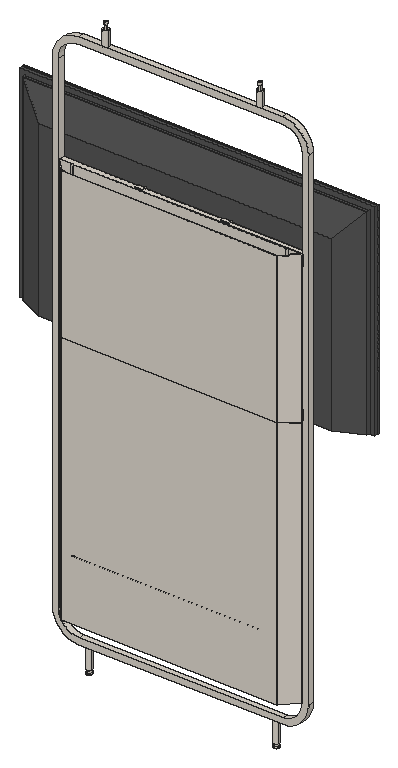
Revit family "Lives-Post+Beam_Fixed Panel_Monitor+Open_BLS5C2", category Furniture, Revit 2021
Family settings
  OmniClass Number = 23.40.20.00
  OmniClass Title = General Furniture and Specialties
  Work Plane-Based = No
  Always vertical = Yes
  Cut with Voids When Loaded = No
  Shared = No
  Room Calculation Point = No
Parameters (values of type "（ライトグレージュ）")
  Manufacturer = "株式会社オカムラ"
  製品名称 [instance] = "ライブス ポストビーム"  # constant formula
  製品コード/色仕様 = "BLS5C2"  # constant formula
  製品コード [instance] = "BLS5C2"  # constant formula
  色仕様名称 [instance] = "ライトグレージュ"
  色仕様コード [instance] = ""
  本体 = okm_ZH17
  導入日 [instance] = ""
  共通仕様 = ""
  備考 = ""
  シリアルNo [instance] = ""
  Keynote = "12490"
  Default Elevation = 0.0"
  Assembly Code = "E2020200"
  W = 35.43307"  # constant formula
  URL = "http://www.okamura.co.jp/"
  Product_URL = ""
  ID [instance] = ""
  H = 80.31496"  # constant formula
  D = 5.51181"  # constant formula
  Copyright [instance] = "©2022.10 okamura Corp."  # constant formula
Types (5): name | 色仕様名称 | 本体
  (no name) | "ライトグレージュ" | okm_ZH17
  （ライトグレージュ） | "ライトグレージュ" | okm_ZH17
  （ブラック） | "ブラック" | okm_ZK25
  （ネオホワイト） | "ネオホワイト" | okm_ZA75
  （ダークグレー） | "ダークグレー" | okm_ZH15
Reference planes (in)
  plane 1 "中心(正面/背面)": y = 0
  plane 2: z = 0
  plane 3 "中心(左/右)": x = 0
  plane 4 "左": x = -17.71654
  plane 5 "右": x = 17.71654
  plane 6 "背面": y = 2.75591
  plane 7 "正面": y = -2.75591
  plane 8 "上": z = 80.31496
  plane 9: z = 78.34646
Forms (in)
  Extrusion 1, solid, material "okm_ZH17" <- "本体"
    sketch origin (0, 0, 0) x (1, 0, 0) y (0, 0, 1)
      loop
        line (-17.61811, 74.76378) -> (-17.61811, 6.92913)
        arc (-17.61811, 6.92913) -> (-16.56877, 4.3958) -> (-14.03543, 3.34646) r 3.58268
        line (-14.03543, 3.34646) -> (14.03543, 3.34646)
        arc (14.03543, 3.34646) -> (16.56877, 4.3958) -> (17.61811, 6.92913) r 3.58268
        line (17.61811, 6.92913) -> (17.61811, 74.76378)
        arc (17.61811, 74.76378) -> (16.56877, 77.29711) -> (14.03543, 78.34646) r 3.58268
        line (14.03543, 78.34646) -> (-14.03543, 78.34646)
        arc (-14.03543, 78.34646) -> (-16.56877, 77.29711) -> (-17.61811, 74.76378) r 3.58268
      loop
        arc (-16.79134, 6.92913) -> (-15.98415, 4.98041) -> (-14.03543, 4.17323) r 2.75591
        line (-14.03543, 4.17323) -> (14.03543, 4.17323)
        arc (14.03543, 4.17323) -> (15.98415, 4.98041) -> (16.79134, 6.92913) r 2.75591
        line (16.79134, 6.92913) -> (16.79134, 74.76378)
        arc (16.79134, 74.76378) -> (15.98415, 76.7125) -> (14.03543, 77.51969) r 2.75591
        line (14.03543, 77.51969) -> (-14.03543, 77.51969)
        arc (-14.03543, 77.51969) -> (-15.98415, 76.7125) -> (-16.79134, 74.76378) r 2.75591
        line (-16.79134, 74.76378) -> (-16.79134, 6.92913)
    from -0.03859 to 0.78818
  Revolve 2, solid, material "okm_ZH17" <- "本体"
    sketch origin (168, -0.37402, -8.39817) x (0, 0, -1) y (1, 0, 0)
      loop
        line (-8.98872, -181.26969) -> (-8.98872, -181.05118) -> (-8.83124, -181.05118)
        arc (-8.83124, -181.05118) -> (-8.80341, -181.06271) -> (-8.79187, -181.09055) r 0.03937
        line (-8.79187, -181.09055) -> (-8.79187, -181.1892) -> (-8.55565, -181.1892) -> (-8.55565, -181.24729)
        arc (-8.55565, -181.24729) -> (-8.54412, -181.27513) -> (-8.51628, -181.28666) r 0.03937
        line (-8.51628, -181.28666) -> (-8.43754, -181.28666)
        arc (-8.43754, -181.28666) -> (-8.40971, -181.27513) -> (-8.39817, -181.24729) r 0.03937
        line (-8.39817, -181.24729) -> (-8.39817, -180.8937) -> (-11.74463, -180.8937) -> (-11.74463, -181.26969) -> (-8.98872, -181.26969)
      axis (-11.74463, -180.8937) -> (-8.39817, -180.8937)
    angle from 0 to 360
  Revolve 3, solid, material "okm_ZH17" <- "本体"
    sketch origin (168, -0.37402, -8.39817) x (0, 0, -1) y (1, 0, 0)
      loop
        line (-8.98872, -154.73031) -> (-11.74463, -154.73031) -> (-11.74463, -155.1063) -> (-8.39817, -155.1063) -> (-8.39817, -154.75271)
        arc (-8.39817, -154.75271) -> (-8.40971, -154.72487) -> (-8.43754, -154.71334) r 0.03937
        line (-8.43754, -154.71334) -> (-8.51628, -154.71334)
        arc (-8.51628, -154.71334) -> (-8.54412, -154.72487) -> (-8.55565, -154.75271) r 0.03937
        line (-8.55565, -154.75271) -> (-8.55565, -154.8108) -> (-8.79187, -154.8108) -> (-8.79187, -154.90945)
        arc (-8.79187, -154.90945) -> (-8.80341, -154.93729) -> (-8.83124, -154.94882) r 0.03937
        line (-8.83124, -154.94882) -> (-8.98872, -154.94882) -> (-8.98872, -154.73031)
      axis (-11.74463, -155.1063) -> (-8.39817, -155.1063)
    angle from 0 to 360
  Extrusion 4, solid, material "okm_G155"
    sketch origin (0.01744, 0, 0) x (1, 0, 0) y (0, 0, 1)
      loop
        line (-24.4837, 69.64716) -> (-24.4837, 41.37525) -> (24.44882, 41.37525) -> (24.44882, 69.64716) -> (-24.4837, 69.64716)
      loop
        line (24.13386, 42.08391) -> (24.13386, 69.3322) -> (-24.16874, 69.3322) -> (-24.16874, 42.08391) -> (24.13386, 42.08391)
    from -2.75591 to -2.55906
  Extrusion 5, solid, material "okm_G155"
    sketch origin (0.01744, 0, 0) x (1, 0, 0) y (0, 0, 1)
      loop
        line (-24.4837, 69.64716) -> (-24.4837, 41.37525) -> (24.44882, 41.37525) -> (24.44882, 69.64716) -> (-24.4837, 69.64716)
    from -2.55906 to -2.13307
  Extrusion 6, solid, material "okm_G155"
    sketch origin (0.01744, 0, 0) x (1, 0, 0) y (0, 0, 1)
      loop
        line (24.13386, 42.08391) -> (24.13386, 69.3322) -> (-24.16874, 69.3322) -> (-24.16874, 42.08391) -> (24.13386, 42.08391)
    from -2.65748 to -2.55906
  Blend 7, solid, material "okm_G155"
    base sketch origin (0, 0, 0) x (1, 0, 0) y (0, 0, 1)
      loop
        line (20.15076, 41.37525) -> (20.15076, 65.12321) -> (-20.18564, 65.12321) -> (-20.18564, 41.37525) -> (20.15076, 41.37525)
    top sketch origin (0, 0, 0) x (1, 0, 0) y (0, 0, 1)
      loop
        line (-23.75578, 68.9343) -> (-23.75578, 41.37525) -> (23.72091, 41.37525) -> (23.72091, 68.9343) -> (-23.75578, 68.9343)
    from -0.03859 to -1.69497
  Extrusion 8, solid, material "okm_G155"
    sketch origin (0, 0, 0) x (1, 0, 0) y (0, 0, 1)
      loop
        line (-23.75578, 68.9343) -> (-23.75578, 41.37525) -> (23.72091, 41.37525) -> (23.72091, 68.9343) -> (-23.75578, 68.9343)
    from -1.69497 to -2.13307
  Revolve 9, solid, material "okm_ZH17" <- "本体"
    sketch origin (168, -0.37779, -8.39817) x (0, 0, -1) y (-1, 0, 0)
      loop
        line (-89.69739, 178.62992) -> (-86.74463, 178.62992) -> (-86.74463, 179.02362) -> (-88.71313, 179.02362) -> (-88.71313, 178.7874) -> (-89.46117, 178.7874) -> (-89.46117, 178.86614) -> (-89.69739, 178.86614) -> (-89.69739, 178.62992)
      axis (-89.69739, 178.62992) -> (-86.74463, 178.62992)
    angle from 0 to 360
  Revolve 10, solid, material "okm_ZH17" <- "本体"
    sketch origin (168, -0.37779, -8.39817) x (0, 0, -1) y (-1, 0, 0)
      loop
        line (-89.69739, 157.37008) -> (-89.69739, 157.13386) -> (-89.46117, 157.13386) -> (-89.46117, 157.2126) -> (-88.71313, 157.2126) -> (-88.71313, 156.97638) -> (-86.74463, 156.97638) -> (-86.74463, 157.37008) -> (-89.69739, 157.37008)
      axis (-89.69739, 157.37008) -> (-86.74463, 157.37008)
    angle from 0 to 360
  Extrusion 11, solid, material "okm_ZH17" <- "本体"
    sketch origin (0.01744, 0, 0) x (1, 0, 0) y (0, 1, 0)
      loop
        line (-14.88752, -1.1622) -> (-14.84027, -1.1622) -> (-14.84027, -0.80787)
        arc (-14.84027, -0.80787) -> (-14.8518, -0.78003) -> (-14.87964, -0.7685) r 0.03937
        line (-14.87964, -0.7685) -> (-16.76153, -0.7685)
        arc (-16.76153, -0.7685) -> (-16.80518, -0.79766) -> (-16.79495, -0.84914) r 0.04724
        line (-16.79495, -0.84914) -> (-14.9193, -2.72547)
        arc (-14.9193, -2.72547) -> (-14.90652, -2.734) -> (-14.89145, -2.737) r 0.03937
        line (-14.89145, -2.737) -> (14.85658, -2.737)
        arc (14.85658, -2.737) -> (14.87165, -2.734) -> (14.88442, -2.72547) r 0.03937
        line (14.88442, -2.72547) -> (16.76007, -0.84914)
        arc (16.76007, -0.84914) -> (16.7703, -0.79766) -> (16.72666, -0.7685) r 0.04724
        line (16.72666, -0.7685) -> (14.84477, -0.7685)
        arc (14.84477, -0.7685) -> (14.81693, -0.78003) -> (14.8054, -0.80787) r 0.03937
        line (14.8054, -0.80787) -> (14.8054, -1.1622) -> (14.85264, -1.1622) -> (14.85264, -0.81574) -> (16.72733, -0.81574) -> (14.85332, -2.68976) -> (-14.8882, -2.68976) -> (-16.76221, -0.81574) -> (-14.88752, -0.81574) -> (-14.88752, -1.1622)
    from 41.71339 to 6.92913
  Extrusion 12, solid, material "okm_ZH17" <- "本体"
    sketch origin (0, 0, 0) x (0, 1, 0) y (0, 0, 1)
      loop
        line (-2.17401, 15.87796) -> (-2.17401, 14.93308)
        arc (-2.17401, 14.93308) -> (-2.16248, 14.90524) -> (-2.13464, 14.89371) r 0.03937
        line (-2.13464, 14.89371) -> (-0.33149, 14.89371) -> (-0.33149, 12.57875) -> (-0.28425, 12.57875) -> (-0.28425, 14.90158)
        arc (-0.28425, 14.90158) -> (-0.29578, 14.92942) -> (-0.32362, 14.94095) r 0.03937
        line (-0.32362, 14.94095) -> (-2.12677, 14.94095) -> (-2.12677, 15.87796) -> (-2.17401, 15.87796)
    from -13.83953 to 13.83953
  Extrusion 13, solid, material "okm_ZH17" <- "本体"
    sketch origin (0, 0, 0) x (0, 1, 0) y (0, 0, 1)
      loop
        line (0.03859, 62.47323) -> (-0.61889, 62.47323) -> (-0.61889, 62.38268) -> (-0.03228, 62.38268) -> (-0.03228, 43.37879) -> (-0.61889, 43.37879) -> (-0.61889, 43.28819) -> (-0.04015, 43.28819)
        arc (-0.04015, 43.28819) -> (0.01553, 43.31125) -> (0.03859, 43.36693) r 0.07874
        line (0.03859, 43.36693) -> (0.03859, 62.47323)
    from 5.40548 to 6.40548
  Extrusion 14, solid, material "okm_ZH17" <- "本体"
    sketch origin (0, 0, 0) x (0, 1, 0) y (0, 0, -1)
      loop
        line (0.03859, -62.47323) -> (0.03859, -43.36693)
        arc (0.03859, -43.36693) -> (0.01553, -43.31125) -> (-0.04015, -43.28819) r 0.07874
        line (-0.04015, -43.28819) -> (-0.61889, -43.28819) -> (-0.61889, -43.37879) -> (0, -43.37879) -> (0, -62.38268) -> (-0.61889, -62.38268) -> (-0.61889, -62.47323) -> (0.03859, -62.47323)
    from 5.40547 to 6.40547
  Extrusion 15, solid, material "okm_ZH17" <- "本体"
    sketch origin (0, 0, 0) x (1, 0, 0) y (0, 1, 0)
      loop
        line (-16.73461, -0.0244) -> (-16.73461, -0.33937) -> (16.79134, -0.33937) -> (16.79134, -0.0244) -> (-16.73461, -0.0244)
    from 6.92913 to 40.13858
  Extrusion 16, solid, material "okm_ZH17" <- "本体"
    sketch origin (0, 0, 0) x (0, 1, 0) y (0, 0, 1)
      loop
        line (-0.02047, 62.38268) -> (-0.72913, 62.38268)
        arc (-0.72913, 62.38268) -> (-0.75697, 62.37115) -> (-0.7685, 62.34331) r 0.03937
        line (-0.7685, 62.34331) -> (-0.7685, 60.84724)
        arc (-0.7685, 60.84724) -> (-0.75697, 60.81941) -> (-0.72913, 60.80787) r 0.03937
        line (-0.72913, 60.80787) -> (-0.02047, 60.80787)
        arc (-0.02047, 60.80787) -> (0.00737, 60.81941) -> (0.0189, 60.84724) r 0.03937
        line (0.0189, 60.84724) -> (0.0189, 62.34331)
        arc (0.0189, 62.34331) -> (0.00737, 62.37115) -> (-0.02047, 62.38268) r 0.03937
      loop
        arc (-0.02047, 41.71339) -> (0.00737, 41.72492) -> (0.0189, 41.75276) r 0.03937
        line (0.0189, 41.75276) -> (0.0189, 43.24882)
        arc (0.0189, 43.24882) -> (0.00737, 43.27666) -> (-0.02047, 43.28819) r 0.03937
        line (-0.02047, 43.28819) -> (-0.72913, 43.28819)
        arc (-0.72913, 43.28819) -> (-0.75697, 43.27666) -> (-0.7685, 43.24882) r 0.03937
        line (-0.7685, 43.24882) -> (-0.7685, 41.75276)
        arc (-0.7685, 41.75276) -> (-0.75697, 41.72492) -> (-0.72913, 41.71339) r 0.03937
        line (-0.72913, 41.71339) -> (-0.02047, 41.71339)
    from -16.77653 to 16.80878
  Extrusion 17, solid, material "okm_ZH17" <- "本体"
    sketch origin (0.01744, 0, 89.72598) x (0, -1, 0) y (1, 0, 0)
      loop
        line (1.1622, -14.88752) -> (1.1622, -14.84027) -> (0.80787, -14.84027)
        arc (0.80787, -14.84027) -> (0.78003, -14.8518) -> (0.7685, -14.87964) r 0.03937
        line (0.7685, -14.87964) -> (0.7685, -16.76153)
        arc (0.7685, -16.76153) -> (0.79766, -16.80518) -> (0.84914, -16.79495) r 0.04724
        line (0.84914, -16.79495) -> (2.72547, -14.9193)
        arc (2.72547, -14.9193) -> (2.734, -14.90652) -> (2.737, -14.89145) r 0.03937
        line (2.737, -14.89145) -> (2.737, 14.85658)
        arc (2.737, 14.85658) -> (2.734, 14.87165) -> (2.72547, 14.88442) r 0.03937
        line (2.72547, 14.88442) -> (0.84914, 16.76007)
        arc (0.84914, 16.76007) -> (0.79766, 16.7703) -> (0.7685, 16.72666) r 0.04724
        line (0.7685, 16.72666) -> (0.7685, 14.84477)
        arc (0.7685, 14.84477) -> (0.78003, 14.81693) -> (0.80787, 14.8054) r 0.03937
        line (0.80787, 14.8054) -> (1.1622, 14.8054) -> (1.1622, 14.85264) -> (0.81574, 14.85264) -> (0.81574, 16.72733) -> (2.68976, 14.85332) -> (2.68976, -14.8882) -> (0.81574, -16.76221) -> (0.81574, -14.88752) -> (1.1622, -14.88752)
    from -48.0126 to -27.34331
  Extrusion 18, solid, material "okm_ZH17" <- "本体"
    sketch origin (0, 0, 0) x (1, 0, 0) y (0, 1, 0)
      loop
        line (5.31573, 0.03072) -> (5.31573, -0.61889) -> (5.40548, -0.61889) -> (5.40548, 0.03859) -> (6.40548, 0.03859) -> (6.40548, -0.61889) -> (6.49683, -0.61889) -> (6.49683, 0.03072)
        arc (6.49683, 0.03072) -> (6.47377, 0.08639) -> (6.41809, 0.10946) r 0.07874
        line (6.41809, 0.10946) -> (5.39447, 0.10946)
        arc (5.39447, 0.10946) -> (5.33879, 0.08639) -> (5.31573, 0.03072) r 0.07874
      loop
        arc (-5.31412, 0.03072) -> (-5.33718, 0.08639) -> (-5.39286, 0.10946) r 0.07874
        line (-5.39286, 0.10946) -> (-6.41648, 0.10946)
        arc (-6.41648, 0.10946) -> (-6.47216, 0.08639) -> (-6.49522, 0.03072) r 0.07874
        line (-6.49522, 0.03072) -> (-6.49522, -0.61889) -> (-6.40386, -0.61889) -> (-6.40386, 0.03859) -> (-5.40386, 0.03859) -> (-5.40386, -0.61889) -> (-5.31412, -0.61889) -> (-5.31412, 0.03072)
    from 43.37879 to 59.76384
Lines and regions (in)
  Masking region 1
    outline origin (0, 0, 0) x (1, 0, 0) y (0, 1, 0)
      loop
        line (-24.46626, 2.75591) -> (-24.46626, 2.13307) -> (-23.72091, 2.13307) -> (-23.68117, 1.80945)
        arc (-23.68117, 1.80945) -> (-23.64861, 1.71663) -> (-23.5753, 1.65103) r 0.19742
        line (-23.5753, 1.65103) -> (-21.01715, 0.33192)
        arc (-21.01715, 0.33192) -> (-20.21007, 0.05985) -> (-19.36336, -0.03227) r 3.93701
        line (-19.36336, -0.03227) -> (-17.71654, -0.03227) -> (-17.71654, -0.78818) -> (-16.83845, -0.78818) -> (-14.87143, -2.75591) -> (14.87143, -2.75591) -> (16.83844, -0.78818) -> (17.71654, -0.78818) -> (17.71654, -0.03227) -> (19.36336, -0.03227)
        arc (19.36336, -0.03227) -> (20.21007, 0.05985) -> (21.01715, 0.33192) r 3.93701
        line (21.01715, 0.33192) -> (23.5753, 1.65103)
        arc (23.5753, 1.65103) -> (23.64861, 1.71663) -> (23.68117, 1.80945) r 0.19742
        line (23.68117, 1.80945) -> (23.72091, 2.13307) -> (24.46626, 2.13307) -> (24.46626, 2.75591) -> (-24.46626, 2.75591)
  symbolic lines, style "okm_簡略", detail levels coarse
    curve 1: line (-24.46626, 2.75591, 0) -> (24.46626, 2.75591, 0)
    curve 2: line (-24.46626, 2.13307, 0) -> (-24.46626, 2.75591, 0)
    curve 3: line (24.46626, 2.13307, 0) -> (-24.46626, 2.13307, 0)
    curve 4: line (-23.72091, 2.13307, 0) -> (-23.68117, 1.80945, 0)
    curve 5: line (-23.68117, 1.80945, 0) -> (23.68117, 1.80945, 0)
    curve 6: arc (-23.68117, 1.80945, 0) -> (-23.64861, 1.71663, 0) -> (-23.5753, 1.65103, 0) r 0.19742
    curve 7: line (-23.5753, 1.65103, 0) -> (-21.01715, 0.33192, 0)
    curve 8: arc (-21.01715, 0.33192, 0) -> (-20.21007, 0.05985, 0) -> (-19.36336, -0.03227, 0) r 3.93701
    curve 9: line (19.36336, -0.03227, 0) -> (-19.36336, -0.03227, 0)
    curve 10: line (-17.71654, -0.03227, 0) -> (-17.71654, -0.78818, 0)
    curve 11: line (-17.71654, -0.78818, 0) -> (17.71654, -0.78818, 0)
    curve 12: line (14.87143, -2.75591, 0) -> (-14.87143, -2.75591, 0)
    curve 13: line (-13.82209, -2.19983, 0) -> (13.82209, -2.19983, 0)
    curve 14: line (-13.82209, -1.10928, 0) -> (-13.82209, -2.19983, 0)
    curve 15: line (-13.95509, -0.78818, 0) -> (-13.82209, -1.10928, 0)
    curve 31: line (24.46626, 2.13307, 0) -> (24.46626, 2.75591, 0)
    curve 32: line (23.72091, 2.13307, 0) -> (23.68117, 1.80945, 0)
    curve 33: arc (23.68117, 1.80945, 0) -> (23.64861, 1.71663, 0) -> (23.5753, 1.65103, 0) r 0.19742
    curve 34: line (23.5753, 1.65103, 0) -> (21.01715, 0.33192, 0)
    curve 35: arc (21.01715, 0.33192, 0) -> (20.21007, 0.05985, 0) -> (19.36336, -0.03227, 0) r 3.93701
    curve 36: line (17.71654, -0.03227, 0) -> (17.71654, -0.78818, 0)
    curve 37: line (13.82209, -1.10928, 0) -> (13.82209, -2.19983, 0)
    curve 38: line (13.95509, -0.78818, 0) -> (13.82209, -1.10928, 0)
    curve 49: line (-16.83845, -0.78818, 0) -> (-14.87143, -2.75591, 0)
    curve 50: line (14.87143, -2.75591, 0) -> (16.83844, -0.78818, 0)
  symbolic lines, style "okm_標準・詳細", detail levels medium+fine
    curve 16: line (-24.46626, 2.75591, 0) -> (24.46626, 2.75591, 0)
    curve 17: line (-24.46626, 2.13307, 0) -> (-24.46626, 2.75591, 0)
    curve 18: line (24.46626, 2.13307, 0) -> (-24.46626, 2.13307, 0)
    curve 19: line (-23.72091, 2.13307, 0) -> (-23.68117, 1.80945, 0)
    curve 20: line (-23.68117, 1.80945, 0) -> (23.68117, 1.80945, 0)
    curve 21: arc (-23.68117, 1.80945, 0) -> (-23.64861, 1.71663, 0) -> (-23.5753, 1.65103, 0) r 0.19742
    curve 22: line (-23.5753, 1.65103, 0) -> (-21.01715, 0.33192, 0)
    curve 23: arc (-21.01715, 0.33192, 0) -> (-20.21007, 0.05985, 0) -> (-19.36336, -0.03227, 0) r 3.93701
    curve 24: line (19.36336, -0.03227, 0) -> (-19.36336, -0.03227, 0)
    curve 25: line (-17.71654, -0.78818, 0) -> (17.71654, -0.78818, 0)
    curve 26: line (-17.71654, -0.03227, 0) -> (-17.71654, -0.78818, 0)
    curve 27: line (14.87143, -2.75591, 0) -> (-14.87143, -2.75591, 0)
    curve 28: line (-13.82209, -2.19983, 0) -> (13.82209, -2.19983, 0)
    curve 29: line (-13.82209, -1.10928, 0) -> (-13.82209, -2.19983, 0)
    curve 30: line (-13.95509, -0.78818, 0) -> (-13.82209, -1.10928, 0)
    curve 39: line (24.46626, 2.13307, 0) -> (24.46626, 2.75591, 0)
    curve 40: line (23.72091, 2.13307, 0) -> (23.68117, 1.80945, 0)
    curve 41: arc (23.68117, 1.80945, 0) -> (23.64861, 1.71663, 0) -> (23.5753, 1.65103, 0) r 0.19742
    curve 42: line (23.5753, 1.65103, 0) -> (21.01715, 0.33192, 0)
    curve 43: arc (21.01715, 0.33192, 0) -> (20.21007, 0.05985, 0) -> (19.36336, -0.03227, 0) r 3.93701
    curve 44: line (17.71654, -0.03227, 0) -> (17.71654, -0.78818, 0)
    curve 45: line (13.82209, -1.10928, 0) -> (13.82209, -2.19983, 0)
    curve 46: line (13.95509, -0.78818, 0) -> (13.82209, -1.10928, 0)
    curve 47: line (-16.83845, -0.78818, 0) -> (-14.87143, -2.75591, 0)
    curve 48: line (14.87143, -2.75591, 0) -> (16.83844, -0.78818, 0)
Dimensions and locks (in)
  equal spacing: plane 4 "左", plane 3 "中心(左/右)", plane 5 "右"
  "W": plane 4 "左" to plane 5 "右"
  equal spacing: plane 7 "正面", plane 1 "中心(正面/背面)", plane 6 "背面"
  "D": plane 7 "正面" to plane 6 "背面"
  "H": plane 8 "上" to level
  plane 8 "上" to plane 9 = 1.9685"
  aligned and locked: level to plane 2
Automatic sketch dimensions
  curve 6 to curve 21 = 0.0"  (x2)
  curve 8 to curve 23 = 0.0"  (x2)
  curve 33 to curve 41 = 0.0"  (x2)
  curve 35 to curve 43 = 0.0"  (x2)
  plane 6 "背面" to curve 1 = 0.0"
  plane 7 "正面" to curve 27 = 0.0"
  curve 1 to plane 4 "左" = 6.74972"
  curve 2 to curve 20 = 0.78509"
  plane 6 "背面" to curve 22 = 1.10487"
  curve 6 to curve 22 = 0.10586"
  curve 4 to curve 6 = 0.1967"
  curve 7 to plane 1 "中心(正面/背面)" = 0.33192"
  curve 6 to curve 7 = 2.55815"
  curve 8 to plane 4 "左" = 1.64682"
  plane 4 "左" to curve 26 = 0.0"
  plane 4 "左" to curve 27 = 2.8451"
  curve 14 to plane 7 "正面" = 0.55608"
  curve 12 to curve 14 = 1.04934"
  plane 1 "中心(正面/背面)" to curve 45 = 1.10928"
  curve 45 to plane 5 "右" = 3.89445"
  curve 13 to curve 12 = 1.04934"
  curve 44 to plane 5 "右" = 0.0"
  plane 5 "右" to curve 43 = 1.64682"
  curve 42 to plane 1 "中心(正面/背面)" = 0.33192"
  curve 43 to curve 42 = 1.65379"
  plane 6 "背面" to curve 33 = 0.92959"
  curve 43 to curve 33 = 2.46732"
  plane 6 "背面" to curve 42 = 1.10487"
  curve 33 to curve 42 = 0.09084"
  plane 6 "背面" to curve 40 = 0.94645"
  curve 33 to curve 31 = 0.78509"
  curve 13 to curve 29 = 1.09055"
  plane 1 "中心(正面/背面)" to curve 11 = 0.78818"
  plane 1 "中心(正面/背面)" to curve 9 = 0.03227"
  plane 6 "背面" to curve 39 = 0.62283"
  curve 19 to curve 19 = 0.03974"
  curve 4 to curve 19 = 0.0"
  curve 10 to curve 47 = 0.87809"
  curve 49 to curve 47 = 0.0"
  curve 15 to curve 14 = 0.133"
  curve 30 to curve 15 = 0.0"
  curve 37 to curve 38 = 0.133"
  curve 46 to curve 38 = 0.0"
  curve 48 to curve 11 = 0.87809"
  curve 50 to curve 48 = 0.0"
  curve 40 to curve 40 = 0.03974"
  curve 32 to curve 40 = 0.0"
  Extrusion 1 sketch curve to Extrusion 1 sketch curve = 0.0"  (x8)
  Extrusion 1 sketch curve to plane 9 = 0.0"
  plane 4 "左" to Extrusion 1 sketch curve = 0.09843"
  Extrusion 1 sketch curve to Extrusion 1 sketch curve = 0.82677"
  Extrusion 1 sketch curve to Extrusion 1 sketch curve = 2.75591"  (x2)
  Extrusion 1 sketch curve to plane 5 "右" = 3.6811"  (x2)
  Extrusion 1 sketch curve to plane 5 "右" = 0.9252"
  level to Extrusion 1 sketch curve = 6.92913"
  Revolve 2 sketch curve to level = 0.0"  (x2)
  level to Revolve 2 sketch curve = 0.03937"
  Revolve 2 sketch curve to Revolve 2 sketch curve = 0.07874"
  Revolve 2 sketch curve to Revolve 2 sketch curve = 0.03937"  (x2)
  Revolve 2 sketch curve to Revolve 2 sketch curve = 0.23622"
  Revolve 2 sketch curve to Revolve 2 sketch curve = 0.15748"
  Revolve 2 sketch curve to Revolve 2 sketch curve = 2.75591"
  plane 4 "左" to Revolve 2 sketch curve = 4.42987"
  Revolve 2 sketch curve to Revolve 2 sketch curve = 0.02239"
  Revolve 2 sketch curve to Revolve 2 sketch curve = 0.0581"
  Revolve 2 sketch curve to Revolve 2 sketch curve = 0.09864"
  Revolve 2 sketch curve to Revolve 2 sketch curve = 0.37598"
  Revolve 2 sketch curve to level = 0.98425"
  Revolve 2 sketch curve to Revolve 2 sketch curve = 0.0"
  Revolve 3 sketch curve to level = 0.0"  (x2)
  level to Revolve 3 sketch curve = 0.03937"
  Revolve 3 sketch curve to Revolve 3 sketch curve = 0.07874"
  Revolve 3 sketch curve to Revolve 3 sketch curve = 0.03937"  (x2)
  Revolve 3 sketch curve to Revolve 3 sketch curve = 0.23622"
  Revolve 3 sketch curve to Revolve 3 sketch curve = 0.15748"  (x2)
  Revolve 3 sketch curve to Revolve 3 sketch curve = 2.75591"
  Revolve 3 sketch curve to plane 5 "右" = 4.82283"
  Revolve 3 sketch curve to Revolve 3 sketch curve = 0.09864"
  Revolve 3 sketch curve to Revolve 3 sketch curve = 0.0581"
  Revolve 3 sketch curve to Revolve 3 sketch curve = 0.08049"
  Revolve 3 sketch curve to level = 0.98425"
  Revolve 3 sketch curve to Revolve 3 sketch curve = 0.0"
  Extrusion 4 sketch curve to plane 4 "左" = 6.74972"
  Extrusion 4 sketch curve to Extrusion 4 sketch curve = 0.31496"  (x3)
  plane 5 "右" to Extrusion 4 sketch curve = 6.43476"
  Extrusion 4 sketch curve to plane 9 = 36.97121"
  Extrusion 4 sketch curve to Extrusion 4 sketch curve = 0.70866"
  Extrusion 4 sketch curve to plane 9 = 9.01425"
  Extrusion 5 sketch curve to plane 4 "左" = 6.74972"
  plane 5 "右" to Extrusion 5 sketch curve = 6.74972"
  Extrusion 5 sketch curve to plane 9 = 36.97121"
  Extrusion 5 sketch curve to plane 9 = 8.69929"
  Extrusion 6 sketch curve to plane 4 "左" = 6.43476"
  plane 5 "右" to Extrusion 6 sketch curve = 6.43476"
  Extrusion 6 sketch curve to plane 9 = 36.26255"
  Extrusion 6 sketch curve to plane 9 = 9.01425"
  Blend 7 sketch curve to plane 4 "左" = 2.4691"
  plane 5 "右" to Blend 7 sketch curve = 2.43422"
  Blend 7 sketch curve to plane 9 = 36.97121"  (x2)
  Blend 7 sketch curve to plane 9 = 13.22325"
  Blend 7 sketch curve to plane 4 "左" = 6.03925"
  plane 5 "右" to Blend 7 sketch curve = 6.00437"
  Blend 7 sketch curve to plane 9 = 9.41215"
  Extrusion 8 sketch curve to plane 4 "左" = 6.03925"
  plane 5 "右" to Extrusion 8 sketch curve = 6.00437"
  Extrusion 8 sketch curve to plane 9 = 36.97121"
  Extrusion 8 sketch curve to plane 9 = 9.41215"
  Revolve 9 sketch curve to plane 8 "上" = 0.0"
  Revolve 9 sketch curve to plane 9 = 0.0"
  plane 8 "上" to Revolve 9 sketch curve = 0.74803"
  Revolve 9 sketch curve to Revolve 9 sketch curve = 0.23622"  (x3)
  plane 4 "左" to Revolve 9 sketch curve = 7.08661"
  Revolve 9 sketch curve to Revolve 9 sketch curve = 0.15748"  (x2)
  Revolve 9 sketch curve to Revolve 9 sketch curve = 0.03937"
  Revolve 9 sketch curve to Revolve 9 sketch curve = 0.59055"
  Revolve 10 sketch curve to plane 8 "上" = 0.0"
  Revolve 10 sketch curve to plane 9 = 0.0"
  plane 8 "上" to Revolve 10 sketch curve = 0.74803"
  Revolve 10 sketch curve to Revolve 10 sketch curve = 0.23622"  (x2)
  Revolve 10 sketch curve to plane 5 "右" = 6.69291"
  Revolve 10 sketch curve to Revolve 10 sketch curve = 0.15748"
  Revolve 10 sketch curve to Revolve 10 sketch curve = 0.3937"
  Revolve 10 sketch curve to Revolve 10 sketch curve = 0.03937"
  Revolve 10 sketch curve to Revolve 10 sketch curve = 0.59055"
  Revolve 10 sketch curve to Revolve 10 sketch curve = 0.0"
  plane 4 "左" to Extrusion 11 sketch curve = 0.93903"
  Extrusion 11 sketch curve to Extrusion 11 sketch curve = 0.03273"  (x2)
  Extrusion 11 sketch curve to Extrusion 11 sketch curve = 0.00068"  (x3)
  Extrusion 11 sketch curve to plane 7 "正面" = 0.03044"  (x2)
  Extrusion 11 sketch curve to Extrusion 11 sketch curve = 1.87565"
  Extrusion 11 sketch curve to Extrusion 11 sketch curve = 0.02784"  (x2)
  Extrusion 11 sketch curve to plane 7 "正面" = 0.06615"
  Extrusion 11 sketch curve to Extrusion 11 sketch curve = 0.00326"  (x2)
  plane 1 "中心(正面/背面)" to Extrusion 11 sketch curve = 0.81574"
  Extrusion 11 sketch curve to Extrusion 11 sketch curve = 1.87402"
  Extrusion 11 sketch curve to Extrusion 11 sketch curve = 0.00787"  (x2)
  Extrusion 11 sketch curve to Extrusion 11 sketch curve = 0.04724"
  Extrusion 11 sketch curve to plane 5 "右" = 2.8937"
  Extrusion 11 sketch curve to Extrusion 11 sketch curve = 0.03937"
  Extrusion 11 sketch curve to plane 5 "右" = 0.97244"
  Extrusion 11 sketch curve to plane 7 "正面" = 0.0189"
  plane 1 "中心(正面/背面)" to Extrusion 11 sketch curve = 1.1622"
  Extrusion 11 sketch curve to Extrusion 11 sketch curve = 0.34646"  (x2)
  plane 1 "中心(正面/背面)" to Extrusion 11 sketch curve = 0.84914"  (x2)
  Extrusion 11 sketch curve to Extrusion 11 sketch curve = 0.0334"  (x2)
  Extrusion 11 sketch curve to Extrusion 11 sketch curve = 0.0"  (x2)
  Extrusion 12 sketch curve to plane 7 "正面" = 0.58189"
  Extrusion 12 sketch curve to Extrusion 12 sketch curve = 0.03937"  (x2)
  Extrusion 12 sketch curve to Extrusion 12 sketch curve = 0.00787"  (x3)
  plane 1 "中心(正面/背面)" to Extrusion 12 sketch curve = 0.33149"
  level to Extrusion 12 sketch curve = 12.57875"
  Extrusion 12 sketch curve to Extrusion 12 sketch curve = 2.31496"
  Extrusion 12 sketch curve to Extrusion 12 sketch curve = 0.93701"
  plane 1 "中心(正面/背面)" to Extrusion 13 sketch curve = 0.03228"
  plane 1 "中心(正面/背面)" to Extrusion 13 sketch curve = 0.04015"
  Extrusion 13 sketch curve to Extrusion 13 sketch curve = 0.57874"
  plane 1 "中心(正面/背面)" to Extrusion 13 sketch curve = 0.61889"
  Extrusion 13 sketch curve to plane 1 "中心(正面/背面)" = 0.03859"
  Extrusion 13 sketch curve to plane 9 = 35.05827"
  Extrusion 13 sketch curve to Extrusion 13 sketch curve = 0.01186"
  Extrusion 13 sketch curve to plane 9 = 15.96378"
  Extrusion 13 sketch curve to Extrusion 13 sketch curve = 0.09055"
  Extrusion 14 sketch curve to plane 1 "中心(正面/背面)" = 0.0"
  plane 1 "中心(正面/背面)" to Extrusion 14 sketch curve = 0.04015"
  Extrusion 14 sketch curve to Extrusion 14 sketch curve = 0.57874"
  plane 1 "中心(正面/背面)" to Extrusion 14 sketch curve = 0.61889"
  Extrusion 14 sketch curve to plane 1 "中心(正面/背面)" = 0.03859"
  Extrusion 14 sketch curve to plane 9 = 15.87323"
  Extrusion 14 sketch curve to Extrusion 14 sketch curve = 0.09055"
  Extrusion 14 sketch curve to Extrusion 14 sketch curve = 19.00389"
  Extrusion 14 sketch curve to Extrusion 14 sketch curve = 0.01186"
  plane 6 "背面" to Masking region 1 sketch curve = 0.0"
  plane 7 "正面" to Masking region 1 sketch curve = 0.0"
  plane 6 "背面" to Masking region 1 sketch curve = 0.62283"  (x2)
  Masking region 1 sketch curve to plane 4 "左" = 6.74972"
  Masking region 1 sketch curve to Masking region 1 sketch curve = 0.74535"  (x2)
  plane 6 "背面" to Masking region 1 sketch curve = 0.94645"  (x2)
  Masking region 1 sketch curve to Masking region 1 sketch curve = 0.03974"  (x2)
  plane 6 "背面" to Masking region 1 sketch curve = 1.10487"  (x2)
  Masking region 1 sketch curve to Masking region 1 sketch curve = 0.10586"
  Masking region 1 sketch curve to Masking region 1 sketch curve = 0.09084"  (x2)
  Masking region 1 sketch curve to plane 1 "中心(正面/背面)" = 0.33192"  (x2)
  Masking region 1 sketch curve to Masking region 1 sketch curve = 2.55815"
  plane 1 "中心(正面/背面)" to Masking region 1 sketch curve = 0.03227"  (x2)
  Masking region 1 sketch curve to Masking region 1 sketch curve = 1.65379"  (x2)
  plane 4 "左" to Masking region 1 sketch curve = 0.0"
  Masking region 1 sketch curve to Masking region 1 sketch curve = 0.87809"
  Masking region 1 sketch curve to Masking region 1 sketch curve = 1.96701"
  Masking region 1 sketch curve to plane 5 "右" = 2.84511"
  Masking region 1 sketch curve to plane 5 "右" = 0.87809"
  Masking region 1 sketch curve to plane 5 "右" = 0.0"
  plane 5 "右" to Masking region 1 sketch curve = 1.64682"
  plane 6 "背面" to Masking region 1 sketch curve = 0.92959"
  Masking region 1 sketch curve to Masking region 1 sketch curve = 2.46732"
  plane 1 "中心(正面/背面)" to Masking region 1 sketch curve = 0.78818"  (x2)
  plane 1 "中心(正面/背面)" to Extrusion 15 sketch curve = 0.33937"
  plane 4 "左" to Extrusion 15 sketch curve = 0.98193"
  Extrusion 15 sketch curve to plane 5 "右" = 0.9252"
  plane 1 "中心(正面/背面)" to Extrusion 15 sketch curve = 0.0244"
  plane 1 "中心(正面/背面)" to Extrusion 16 sketch curve = 0.7685"  (x2)
  Extrusion 16 sketch curve to Extrusion 16 sketch curve = 0.03937"  (x4)
  plane 1 "中心(正面/背面)" to Extrusion 16 sketch curve = 0.02047"  (x4)
  Extrusion 16 sketch curve to plane 1 "中心(正面/背面)" = 0.0189"  (x2)
  Extrusion 16 sketch curve to plane 9 = 36.63307"
  Extrusion 16 sketch curve to Extrusion 16 sketch curve = 1.49606"  (x2)
  Extrusion 16 sketch curve to Extrusion 16 sketch curve = 17.51969"
  plane 1 "中心(正面/背面)" to Extrusion 17 sketch curve = 0.7685"  (x2)
  Extrusion 17 sketch curve to Extrusion 17 sketch curve = 0.03937"  (x2)
  Extrusion 17 sketch curve to Extrusion 17 sketch curve = 0.04724"  (x2)
  Extrusion 17 sketch curve to Extrusion 17 sketch curve = 0.0"  (x2)
  Extrusion 17 sketch curve to Extrusion 17 sketch curve = 0.00787"  (x6)
  Extrusion 17 sketch curve to Extrusion 17 sketch curve = 0.0334"  (x2)
  Extrusion 17 sketch curve to Extrusion 17 sketch curve = 0.34646"  (x2)
  Extrusion 17 sketch curve to plane 7 "正面" = 0.06615"
  Extrusion 17 sketch curve to plane 7 "正面" = 0.03044"  (x2)
  Extrusion 17 sketch curve to plane 7 "正面" = 0.0189"
  plane 4 "左" to Extrusion 17 sketch curve = 0.93903"
  Extrusion 17 sketch curve to Extrusion 17 sketch curve = 0.00068"  (x3)
  Extrusion 17 sketch curve to Extrusion 17 sketch curve = 1.87565"
  Extrusion 17 sketch curve to Extrusion 17 sketch curve = 0.00326"  (x2)
  Extrusion 17 sketch curve to Extrusion 17 sketch curve = 1.87402"
  Extrusion 17 sketch curve to plane 5 "右" = 2.8937"
  Extrusion 17 sketch curve to plane 5 "右" = 0.97244"
  plane 1 "中心(正面/背面)" to Extrusion 18 sketch curve = 0.61889"  (x4)
  Extrusion 18 sketch curve to plane 3 "中心(左/右)" = 6.49522"
  Extrusion 18 sketch curve to plane 1 "中心(正面/背面)" = 0.03072"  (x2)
  Extrusion 18 sketch curve to Extrusion 18 sketch curve = 0.07874"  (x2)
  Extrusion 18 sketch curve to Extrusion 18 sketch curve = 0.09136"  (x2)
  Extrusion 18 sketch curve to plane 1 "中心(正面/背面)" = 0.03859"  (x2)
  Extrusion 18 sketch curve to Extrusion 18 sketch curve = 1.0"  (x2)
  Extrusion 18 sketch curve to Extrusion 18 sketch curve = 0.01101"
  Extrusion 18 sketch curve to Extrusion 18 sketch curve = 0.08975"  (x2)
  plane 3 "中心(左/右)" to Extrusion 18 sketch curve = 5.31573"
  Extrusion 18 sketch curve to Extrusion 18 sketch curve = 0.01262"
